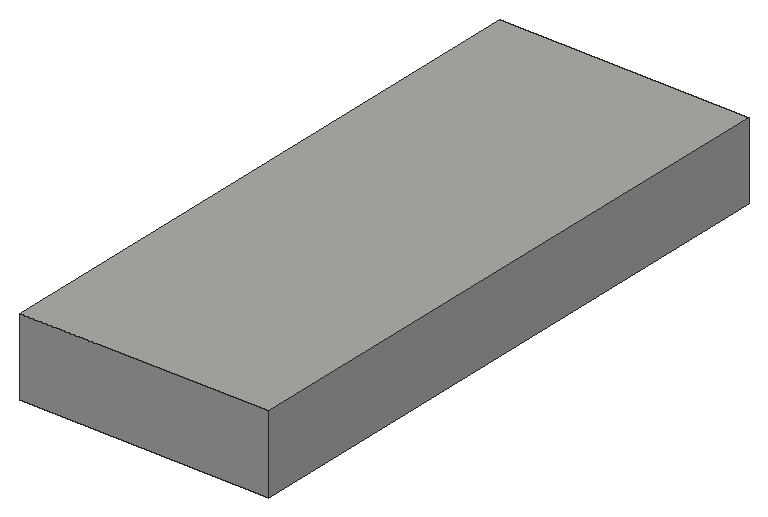
Revit family "AA-12", category Устройства связи, Revit 2016
Family settings
  Сохранять ориентацию аннотаций = Нет
  Тип детали = Нормальный
  Размер круглого соединителя = Использовать диаметр
  На основе рабочей плоскости = Да
  Всегда вертикально = Нет
  При загрузке вырезать с полостями = Нет
  Общий = Да
  Точка расчета площади = Нет
Parameters (values of type "AA-12")
  Цветовое решение = "Серебристый/Золотой/Черный"  # constant formula
  Угол обзора = "По горизонтали 120°, по вертикали 64°"  # constant formula
  Тип установки = "Врезная"  # constant formula
  Тип панели = "Многоквартирная"  # constant formula
  Тип клавиатуры = "Пьезоэлектрические кнопки"  # constant formula
  Температурный режим = "-40 ... +65 °С"  # constant formula
  Режим разговора = "Двухсторонний"  # constant formula
  Разрешение камеры = "1.3 Мп"  # constant formula
  Размер самой панели = "155х375х55 мм"  # constant formula
  Размер под установку = "138х350х55 мм"  # constant formula
  Потребление питания = "6,5 Вт, в режиме ожидания – 3,6 Вт"  # constant formula
  Питание = "+12 В"  # constant formula
  Default Elevation = 0 mm
  Открытие замка = "С монитора, по коду, по карте, из приложений BAS-IP Intercom и BAS-IP UKEY"  # constant formula
  Описание = "ВЫЗЫВНАЯ ПАНЕЛЬ AA-12B GOLD / AA-12B SILVER / AA-12B BLACK - идеальное решение для бизнес и элит зданий. AA-12B доступна в золотом, серебряном и черном цвете, а также поддерживает мобильный доступ BAS-IP UKEY. Для вызова консьержа или экстренных служб есть отдельно выделенная кнопка."  # constant formula
  Ночная подсветка = "6 светодиодов"  # constant formula
  Минимальная освещенность = "0,01 LuX"  # constant formula
  Материал корпуса = Алюминий
  Корпус = "Алюминий"  # constant formula
  Контроль доступа = "UKEY (EM-Marin/ MIFARE®/NFC/Bluetooth)"  # constant formula
  Количество мелодий вызова = "4 полифонические мелодии"  # constant formula
  Кнопки быстрого вызова = "Кнопка вызова консьержа"  # constant formula
  Класс степени защиты = "IP65"  # constant formula
  Камера = "1/4”"  # constant formula
  Интерфейс = "Мультиязычный WEB-интерфейс"  # constant formula
  Интеграция со СКУД = "Выход WIEGAND-26"  # constant formula
  Изображение типоразмера = <Нет>
  Изображение = SHV_Изображение_AA-12
  Изготовитель = "BAS-IP"  # constant formula
  Дополнительно = "SIP P2P, встроенное реле, датчик приближенности, открытый API"  # constant formula
  Дисплей = "4,3” TFT, цветной с подсветкой"  # constant formula
  Группа модели = "Вызывная панель"  # constant formula
  Выходное видео = "HD (1280х720), H.264 Main Profile"  # constant formula
  Аутентификация = "Отдельный пароль на настройки, WEB–интерфейс"  # constant formula
  URL = "https://www.bas-ip.ru"
  Email = "support@bimlib.ru"  # constant formula
  BIM library = "https://bimlib.ru/manufacturer/"  # constant formula
  ADSK_Размер_Ширина = 380 mm  # constant formula
  ADSK_Размер_Толщина = 49 mm  # constant formula
  ADSK_Размер_Длина = 158 mm  # constant formula
  ADSK_Примечание = ""
  ADSK_Полная мощность = ADSK_Номинальная мощность / ADSK_Коэффициент мощности  # 7.22222 VA
  ADSK_Позиция = ""
  ADSK_Обозначение = ""
  ADSK_Номинальная мощность = 6.5 W  # constant formula
  ADSK_Напряжение = 12 V  # constant formula
  ADSK_Наименование краткое = ADSK_Марка  # "AA-12"
  ADSK_Наименование = "ВЫЗЫВНАЯ ПАНЕЛЬ AA-12"
  ADSK_Масса_Текст = ""
  ADSK_Марка = "AA-12"
  ADSK_Коэффициент мощности = 0.9  # constant formula
  ADSK_Количество фаз = 1
  ADSK_Код изделия = ""
  ADSK_Классификация нагрузок = Вызывная панель
  ADSK_Зона = ""
  ADSK_Завод-изготовитель = Изготовитель  # "BAS-IP"
  ADSK_Единица измерения = "шт"  # constant formula
  ADSK_Версия Revit = "Revit 2016"  # constant formula
  ADSK_URL страницы изделия = "https://www.bas-ip.ru/catalog/panels/aa-12/"
  ADSK_URL документации изделия = "https://wiki.bas-ip.com/display/AA12v4/AA-12"
Reference planes
  plane 1 "По центру (Вперед/Назад)": y = 0
  plane 2: z = 0
  plane 3 "По центру (Влево/Вправо)": x = 0
  plane 4: x = -79
  plane 5: y = 190
  plane 6: x = 79
  plane 7: y = -190
  plane 8: z = 3
  plane 9 "Плоскость для коннекторов": z = -46
Forms (mm)
  Extrusion 1, solid, material "Алюминий" <- "Материал корпуса", detail levels medium+fine
    sketch origin (0, 0, 0) x (1, 0, 0) y (0, 1, 0)
      loop
        line (-79, 190) -> (-79, -190) -> (79, -190) -> (79, 190) -> (-79, 190)
    from -46 to 3
Lines and regions (mm)
  model lines, detail levels coarse
    curve 1: line (-79, 190, 0) -> (79, 190, 0)
    curve 2: line (-79, -190, 0) -> (-79, 190, 0)
    curve 3: line (79, -190, 0) -> (-79, -190, 0)
    curve 4: line (79, 190, 0) -> (79, -190, 0)
Dimensions and locks
  equal spacing: plane 4, plane 3 "По центру (Влево/Вправо)", plane 6
  "ADSK_Размер_Длина": plane 4 to plane 6
  "ADSK_Размер_Ширина": plane 5 to plane 7
  equal spacing: plane 5, plane 1 "По центру (Вперед/Назад)", plane 7
  plane 8 to plane 2 = 3 mm
  plane 3 "По центру (Влево/Вправо)" to Extrusion 1 = 79 mm
  "ADSK_Размер_Толщина": plane 8 to plane 9 "Плоскость для коннекторов"
  aligned and locked: level to plane 2
  aligned and locked: Extrusion 1 sketch curve to plane 4
  aligned and locked: Extrusion 1 sketch curve to plane 5
  aligned and locked: Extrusion 1 sketch curve to plane 6
  aligned and locked: Extrusion 1 sketch curve to plane 7
  aligned and locked: curve 1 to Extrusion 1
  aligned and locked: curve 2 to Extrusion 1
  aligned and locked: curve 3 to Extrusion 1
  aligned and locked: curve 4 to Extrusion 1
  aligned and locked: plane 8 to Extrusion 1
  aligned and locked: Extrusion 1 to plane 9 "Плоскость для коннекторов"
Connectors
  electrical at (0, -49.5, -46)
    settings: on plane 9 "Плоскость для коннекторов", index 4, voltage 0 V, apparent load 0 VA, apparent load phase1 0 VA, apparent load phase2 0 VA, apparent load phase3 0 VA, power factor 1, load classification "Прочее", number of poles 1, system type 13, power factor state 1, is connector primary yes, connector utility no, sub classification motor no, connector description "Магнитный замок"
  electrical at (-19.5, -49.5, -46)
    settings: on plane 9 "Плоскость для коннекторов", index 5, voltage 0 V, apparent load 0 VA, apparent load phase1 0 VA, apparent load phase2 0 VA, apparent load phase3 0 VA, power factor 1, load classification "Прочее", number of poles 1, system type 5, power factor state 1, is connector primary no, connector utility no, sub classification motor no, connector description "RJ-45 Ethernet UTP Cat5e"
  electrical at (19.5, -49.5, -46), driven by "ADSK_Количество фаз", driven by "ADSK_Классификация нагрузок", driven by "ADSK_Напряжение", driven by "ADSK_Полная мощность", driven by "ADSK_Коэффициент мощности"
    settings: on plane 9 "Плоскость для коннекторов", index 6, voltage 12 V, apparent load 7.22222 VA, apparent load phase1 0 VA, apparent load phase2 0 VA, apparent load phase3 0 VA, power factor 0.9, load classification "Вызывная панель", number of poles 1, system type 30, power factor state 1, is connector primary no, connector utility no, sub classification motor no, connector description ""
